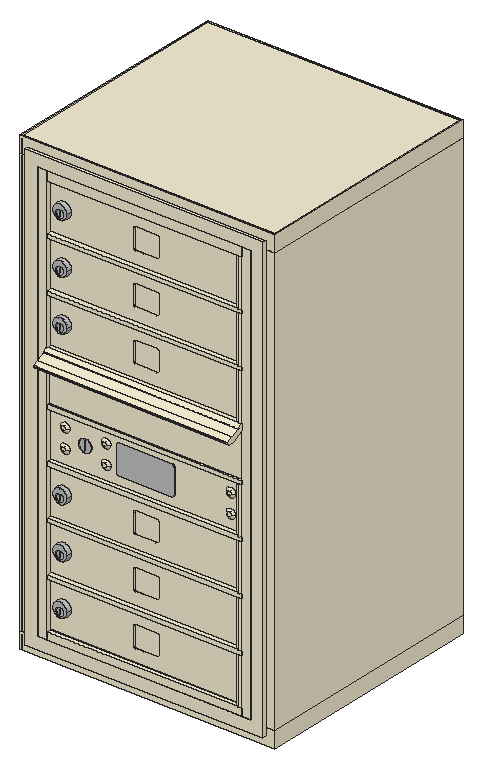
Revit family "Mailboxes_4C-Salsbury_Industries-Surface_Mounted-8_Door_High_Units", category Specialty Equipment, Revit 2016 (continued)
Definition of nested family "Mailboxes_4C-Salsbury_Industries-Front_Load-8_Door_High_Units"
  Definition of nested family "3700 Series 4C Door Configurations"
    Dimensions and locks (in)
      "Center Lock-Vertical": plane 4 "Left Side Face of Door" to plane 11 "Center Lock Vertical"
      "Inset Offset": plane 16 "Inset Offset" to plane 7 "Front Face of Door"
      plane 4 "Left Side Face of Door" to plane 5 "Right Side Face of Door" = 13.375"
      plane 6 "Back Face of Door" to plane 10 "Face of Divider" = 0.59691"
      "Door Height": plane 8 to plane 2 "Bottom of Door"
      equal spacing: plane 8, plane 9, plane 2 "Bottom of Door"
      locked: plane 14 "Divider Height Align" to plane 8 at 0.27
      plane 17 to plane 9 to plane 18 = 0.37515" locked, 0.37452" locked
      aligned and locked: level to plane 2 "Bottom of Door"
      aligned and locked: plane 4 "Left Side Face of Door" to Extrusion 1
      aligned and locked: plane 6 "Back Face of Door" to Extrusion 1
      aligned and locked: plane 7 "Front Face of Door" to Extrusion 1
      aligned and locked: plane 8 to Extrusion 1
      aligned and locked: Extrusion 3 sketch curve to plane 4 "Left Side Face of Door"
      aligned and locked: Extrusion 3 sketch curve to plane 6 "Back Face of Door"
      aligned and locked: plane 5 "Right Side Face of Door" to Extrusion 3 sketch curve
      aligned and locked: Extrusion 3 to plane 8
      aligned and locked: plane 10 "Face of Divider" to Extrusion 3 sketch curve
      aligned and locked: plane 14 "Divider Height Align" to Extrusion 3
      aligned and locked: cut or joined group of Extrusion 1, Extrusion 6 to plane 2 "Bottom of Door"
      aligned and locked: plane 18 to text3d elem
    Automatic sketch dimensions
      Extrusion 1 sketch curve to plane 4 "Left Side Face of Door" = 0.000"
      Extrusion 1 sketch curve to plane 6 "Back Face of Door" = 0.000"
      Extrusion 1 sketch curve to plane 7 "Front Face of Door" = 0.000"
      Extrusion 1 sketch curve to plane 5 "Right Side Face of Door" = 0.000"
      Extrusion 1 sketch curve to plane 4 "Left Side Face of Door" = 0.252"
      plane 5 "Right Side Face of Door" to Extrusion 1 sketch curve = 0.63125"
      Extrusion 1 sketch curve to plane 7 "Front Face of Door" = 0.10935"
      plane 5 "Right Side Face of Door" to Extrusion 1 sketch curve = 0.195"
      Extrusion 1 sketch curve to plane 7 "Front Face of Door" = 0.14468"
      plane 10 "Face of Divider" to Extrusion 1 sketch curve = 0.12271"
      plane 1 "Center (Front/Back)" to Extrusion 1 sketch curve = 0.05445"
      plane 10 "Face of Divider" to Extrusion 1 sketch curve = 0.16676"
      Blend 2 sketch curve to plane 9 = 0.000"  (x2)
      plane 11 "Center Lock Vertical" to Blend 2 sketch curve = 0.000"  (x2)
      plane 11 "Center Lock Vertical" to Extrusion 4 sketch curve = 0.000"
      Extrusion 4 sketch curve to plane 9 = 0.120"
      Extrusion 4 sketch curve to Extrusion 4 sketch curve = 0.285"
      plane 11 "Center Lock Vertical" to Extrusion 5 sketch curve = 0.02933"
      Extrusion 5 sketch curve to plane 11 "Center Lock Vertical" = 0.03067"
      Extrusion 5 sketch curve to plane 9 = 0.2917"
      plane 9 to Extrusion 5 sketch curve = 0.0083"
      Extrusion 6 sketch curve to plane 9 = 0.750"
      Extrusion 6 sketch curve to Extrusion 6 sketch curve = 0.125"  (x3)
      plane 9 to Extrusion 6 sketch curve = 0.625"  (x2)
      plane 3 "Center (Left/Right)" to Extrusion 6 sketch curve = 0.7775"
      plane 15 "Inset Center" to Extrusion 6 sketch curve = 0.750"
      curve 1 to plane 9 = 0.000"
      plane 11 "Center Lock Vertical" to curve 1 = 0.000"
      radius of Blend 2 sketch curve = 0.525"
      radius of Blend 2 sketch curve = 0.485"
      radius of curve 1 = 0.53054"
  Definition of nested family "3700 Series 4C OM2 Configuration"
    Parameters (values of type "OM2-FL")
      Weight = ""
      URL = ""
      Access Lock Offset = 0.000"
      Access Lock = yes
      Model = "3700OM2-FL"
      Manufacturer = "Salsbury Industries"
      Lock Material = none
      Front Panel Material = none
      Door Width = 13.375"
      Door Number [instance] = "101"
      Door Height = 7.00047"
      Door Depth = 0.25391"
      Description = "OM2 Door for 3700 Series 4C Mailboxes-Front Loading"
      Cost = 0
      Center Lock-Vertical = 2.360"
      Center Lock-Horizontal = 1.61523"
    Types (3): name | Access Lock Offset | Access Lock | Model | Description
      (no name) | 0.000" | yes | "3700OM2-FL" | "OM2 Door for 3700 Series 4C Mailboxes-Front Loading"
      OM2-FL | 0.000" | yes | "3700OM2-FL" | "OM2 Door for 3700 Series 4C Mailboxes-Front Loading"
      OM2-RL | 0.3125" | no | "3700OM2-RL" | "OM2 Door for 3700 Series 4C Mailboxes-Rear Loading"
    Reference planes (in)
      plane 1 "Center (Front/Back)": y = 0
      plane 2 "Bottom of Door": z = 0
      plane 3 "Center (Left/Right)": x = 0
      plane 4 "Left Side Face of Door": x = -6.6875
      plane 5 "Right Side Face of Door": x = 6.6875
      plane 6 "Back Face of Door": y = 0.12695
      plane 7 "Front Face of Door": y = -0.12695
      plane 8: z = 3.23047
      plane 9: z = 1.61523
      plane 10: y = -0.46995
      plane 11 "Center Lock Vertical": x = -4.3275
      plane 12 "Center Lock Horizontal": z = 1.61523
      plane 13 "Face of Lock": y = -0.42383
      plane 14 "Divider Height Align": z = 3.50047
      plane 15 "Plate Center": x = -0.16063
      plane 16 "Left Stud Align": x = -5.7025
      plane 17 "Right Stud Align": x = -2.8895
      plane 18 "Top Stud Align": z = 2.27147
      plane 19 "Bottom Stud Align": z = 0.95947
      plane 20 "Hinge Stud Align": x = 5.6875
      plane 21 "Mail Plate Top": z = 2.61547
      plane 22 "Mail Plate Bottom": z = 0.61547
      plane 23: x = -2.1595
      plane 24: x = 1.8405
      plane 25 "Face of Mail Plate": y = -0.16602
      plane 26 "Top of Mail Drop Door": z = 6.73094
      plane 27 "Top of Mail Drop Divider": z = 7.00047
      plane 28 "Face of Mail Drop": y = -0.31995
      plane 29 "Top of Mail Slot": z = 6.42087
      plane 30 "Bottom of Mail Slot": z = 5.67087
      plane 31 "Left Edge of Mail Slot": x = -5.3755
      plane 32 "Right Edge of Mail Slot": x = 5.3755
      plane 33 "Mail Slot Bottom Protusion": z = 6.50987
      plane 34: y = -0.49395
      plane 35: z = 6.15637
      plane 36 "Front of Awning": y = -1.63495
      plane 37: y = -1.15685
      plane 38 "Mail Slot Slope": through (-240, -0.44582, 6.9722) normal (0, -0.5, 0.866)
      plane 39 "Access Lock Offset": y = 0.12695
    Forms (in)
      Extrusion 1, solid, material <- "Front Panel Material"
        sketch origin (0, 0, 0) x (1, 0, 0) y (0, 1, 0)
          loop
            line (-6.4355, 0.12695) -> (-6.6875, -0.05445) -> (-6.6875, -0.12695) -> (6.05625, -0.12695)
            arc (6.05625, -0.12695) -> (6.19558, -0.17661) -> (6.27209, -0.3032) r 0.22029
            arc (6.27209, -0.3032) -> (6.3553, -0.42132) -> (6.4925, -0.46664) r 0.23034
            arc (6.4925, -0.46664) -> (6.63039, -0.40952) -> (6.6875, -0.27164) r 0.195
            line (6.6875, -0.27164) -> (6.6875, 0.12695) -> (-6.4355, 0.12695)
        from 0 to 3.23047
      Extrusion 2, solid, material <- "Front Panel Material"
        sketch origin (0, 0, 3.50047) x (-1, 0, 0) y (0, -1, 0)
          loop
            line (6.6875, -0.12695) -> (6.6875, 0.46995) -> (-6.6875, 0.46995) -> (-6.6875, -0.12695) -> (6.6875, -0.12695)
        from -0.27 to 0
      Extrusion 3, void
        sketch origin (0, 0.12695, 0) x (0, 0, -1) y (-1, 0, 0)
          loop
            circle (-1.61523, 4.3275) r 0.4375
        from 0 to -0.25391
      Extrusion 4, solid, material <- "Lock Material", visible <- "Access Lock"
        sketch origin (0, 0.12695, 0) x (0, 0, -1) y (-1, 0, 0)
          loop
            circle (-1.61523, 4.3275) r 0.42913
        from 0 to -0.25391
      Extrusion 5, void, detail levels fine
        sketch origin (0, 0.12695, 3.4) x (-1, 0, 0) y (0, 0, 1)
          loop
            line (4.3568, -1.47517) -> (4.2982, -1.47517) -> (4.2982, -2.09436) -> (4.3568, -2.09436) -> (4.3568, -1.47517)
        from -0.12695 to -0.25391
      Blend 6, solid, material <- "Front Panel Material", detail levels medium+fine
        base sketch origin (0, -0.12695, 2.68123) x (-1, 0, 0) y (0, 0, 1)
          loop
            circle (5.7025, -0.40977) r 0.15665
        top sketch origin (0, -0.12695, 2.68123) x (-1, 0, 0) y (0, 0, 1)
          loop
            circle (5.7025, -0.40977) r 0.3125
        from -0.11328 to 0
      Blend 7, solid, material <- "Front Panel Material", detail levels medium+fine
        base sketch origin (1.3125, -0.12695, 2.68123) x (-1, 0, 0) y (0, 0, 1)
          loop
            circle (4.202, -0.40977) r 0.15665
        top sketch origin (1.3125, -0.12695, 2.68123) x (-1, 0, 0) y (0, 0, 1)
          loop
            circle (4.202, -0.40977) r 0.3125
        from -0.11328 to 0
      Blend 8, solid, material <- "Front Panel Material", detail levels medium+fine
        base sketch origin (0, -0.12695, 1.36923) x (-1, 0, 0) y (0, 0, 1)
          loop
            circle (5.7025, -0.40977) r 0.15665
        top sketch origin (0, -0.12695, 1.36923) x (-1, 0, 0) y (0, 0, 1)
          loop
            circle (5.7025, -0.40977) r 0.3125
        from -0.11328 to 0
      Blend 9, solid, material <- "Front Panel Material", detail levels medium+fine
        base sketch origin (1.3125, -0.12695, 1.36923) x (-1, 0, 0) y (0, 0, 1)
          loop
            circle (4.202, -0.40977) r 0.15665
        top sketch origin (1.3125, -0.12695, 1.36923) x (-1, 0, 0) y (0, 0, 1)
          loop
            circle (4.202, -0.40977) r 0.3125
        from -0.11328 to 0
      Blend 10, solid, material <- "Front Panel Material", detail levels medium+fine
        base sketch origin (9.8895, -0.12695, 2.68123) x (-1, 0, 0) y (0, 0, 1)
          loop
            circle (4.202, -0.40977) r 0.15665
        top sketch origin (9.8895, -0.12695, 2.68123) x (-1, 0, 0) y (0, 0, 1)
          loop
            circle (4.202, -0.40977) r 0.3125
        from -0.11328 to 0
      Blend 11, solid, material <- "Front Panel Material", detail levels medium+fine
        base sketch origin (9.8895, -0.12695, 1.36923) x (-1, 0, 0) y (0, 0, 1)
          loop
            circle (4.202, -0.40977) r 0.15665
        top sketch origin (9.8895, -0.12695, 1.36923) x (-1, 0, 0) y (0, 0, 1)
          loop
            circle (4.202, -0.40977) r 0.3125
        from -0.11328 to 0
      Extrusion 12, solid, material <- "Lock Material"
        sketch origin (0, -0.12695, 0) x (-1, 0, 0) y (0, 0, 1)
          loop
            line (1.96028, 2.61547) -> (-1.64128, 2.61547)
            arc (-1.64128, 2.61547) -> (-1.78215, 2.55712) -> (-1.8405, 2.41625) r 0.19922
            line (-1.8405, 2.41625) -> (-1.8405, 0.81469)
            arc (-1.8405, 0.81469) -> (-1.78215, 0.67382) -> (-1.64128, 0.61547) r 0.19922
            line (-1.64128, 0.61547) -> (1.96028, 0.61547)
            arc (1.96028, 0.61547) -> (2.10115, 0.67382) -> (2.1595, 0.81469) r 0.19922
            line (2.1595, 0.81469) -> (2.1595, 2.41625)
            arc (2.1595, 2.41625) -> (2.10115, 2.55712) -> (1.96028, 2.61547) r 0.19922
        from 0 to -0.03906
      Extrusion 13, solid, material <- "Front Panel Material"
        sketch origin (-2.13946, 0, 3.50047) x (-1, 0, 0) y (0, -1, 0)
          loop
            line (4.54804, -0.12695) -> (4.54804, 0.31995) -> (-8.82696, 0.31995) -> (-8.82696, -0.12695) -> (4.54804, -0.12695)
        from 0 to 3.0094
      Extrusion 14, void
        sketch origin (0, -0.31995, 0) x (0, 0, -1) y (-1, 0, 0)
          loop
            arc (-5.67087, 5.0005) -> (-6.04587, 5.3755) -> (-6.42087, 5.0005) r 0.375
            line (-6.42087, 5.0005) -> (-6.42087, -5.0005)
            arc (-6.42087, -5.0005) -> (-6.04587, -5.3755) -> (-5.67087, -5.0005) r 0.375
            line (-5.67087, -5.0005) -> (-5.67087, 5.0005)
        from 0 to 0.44691
      Extrusion 15, solid, material <- "Front Panel Material"
        sketch origin (0, 0, 0) x (0, 1, 0) y (0, 0, 1)
          loop
            line (0.12695, 6.50987) -> (0.12695, 7.00047) -> (-0.46995, 7.00047) -> (-0.75605, 6.83078) -> (-0.73973, 6.80251) -> (-1.27431, 6.49388) -> (-1.29063, 6.52214) -> (-1.61027, 6.3376)
            arc (-1.61027, 6.3376) -> (-1.63087, 6.31111) -> (-1.62714, 6.27777) r 0.04454
            line (-1.62714, 6.27777) -> (-1.5282, 6.17883)
            arc (-1.5282, 6.17883) -> (-1.4937, 6.16211) -> (-1.4558, 6.15637) r 0.12791
            line (-1.4558, 6.15637) -> (-1.10623, 6.15637) -> (-0.49395, 6.50987) -> (0.12695, 6.50987)
        from -6.6875 to 6.6875
    Cuts and joins
      Extrusion 3 cuts Extrusion 1
      Extrusion 5 cuts Extrusion 4
      Extrusion 14 cuts Extrusion 13
    Lines and regions (in)
      symbolic lines
        curve 1: circle (-5.7025, -0.12695, 2.27147) r 0.3125 normal (0, 1, 0)
        curve 2: circle (-5.7025, -0.12695, 0.95947) r 0.3125 normal (0, 1, 0)
        curve 3: circle (-2.8895, -0.12695, 0.95947) r 0.3125 normal (0, 1, 0)
        curve 4: circle (-2.8895, -0.12695, 2.27147) r 0.3125 normal (0, 1, 0)
        curve 5: circle (-4.3275, -0.12695, 1.61523) r 0.42913 normal (0, 1, 0)
        curve 6: circle (5.6875, -0.12695, 0.95947) r 0.3125 normal (0, 1, 0)
        curve 7: circle (5.6875, -0.12695, 2.27147) r 0.3125 normal (0, 1, 0)
        curve 8: arc (-2.1595, -0.12695, 2.41625) -> (-2.10115, -0.12695, 2.55712) -> (-1.96028, -0.12695, 2.61547) r 0.19922
        curve 9: arc (1.8405, -0.12695, 2.41625) -> (1.78215, -0.12695, 2.55712) -> (1.64128, -0.12695, 2.61547) r 0.19922
        curve 10: arc (1.8405, -0.12695, 0.81469) -> (1.78215, -0.12695, 0.67382) -> (1.64128, -0.12695, 0.61547) r 0.19922
        curve 11: arc (-1.96028, -0.12695, 0.61547) -> (-2.10115, -0.12695, 0.67382) -> (-2.1595, -0.12695, 0.81469) r 0.19922
        curve 12: line (-2.1595, -0.12695, 0.81469) -> (-2.1595, -0.12695, 2.41625)
        curve 13: line (-1.96028, -0.12695, 2.61547) -> (1.64128, -0.12695, 2.61547)
        curve 14: line (1.8405, -0.12695, 2.41625) -> (1.8405, -0.12695, 0.81469)
        curve 15: line (1.64128, -0.12695, 0.61547) -> (-1.96028, -0.12695, 0.61547)
    Dimensions and locks (in)
      equal spacing: plane 6 "Back Face of Door", plane 1 "Center (Front/Back)", plane 7 "Front Face of Door"
      "Door Depth": plane 6 "Back Face of Door" to plane 7 "Front Face of Door"
      equal spacing: plane 4 "Left Side Face of Door", plane 3 "Center (Left/Right)", plane 5 "Right Side Face of Door"
      "Door Width": plane 4 "Left Side Face of Door" to plane 5 "Right Side Face of Door"
      plane 8 to level = 3.23047"
      equal spacing: plane 8, plane 9, level
      locked: plane 7 "Front Face of Door" to plane 10 at 0.343
      "Center Lock-Vertical": plane 4 "Left Side Face of Door" to plane 11 "Center Lock Vertical"
      "Center Lock-Horizontal": plane 8 to plane 12 "Center Lock Horizontal"
      locked: plane 14 "Divider Height Align" to plane 8 at 0.27
      plane 4 "Left Side Face of Door" to plane 16 "Left Stud Align" to plane 17 "Right Stud Align" = 0.985", 2.813"
      plane 8 to plane 18 "Top Stud Align" to plane 19 "Bottom Stud Align" = 0.959", 1.312"
      plane 20 "Hinge Stud Align" to plane 5 "Right Side Face of Door" = 1.000"
      plane 8 to plane 21 "Mail Plate Top" to plane 22 "Mail Plate Bottom" = 0.615", 2.000"
      plane 4 "Left Side Face of Door" to plane 23 to plane 24 = 4.528", 4.000"
      plane 27 "Top of Mail Drop Divider" to plane 26 "Top of Mail Drop Door" to plane 14 "Divider Height Align" = 0.26953" locked, 3.23047"
      "Door Height": plane 27 "Top of Mail Drop Divider" to level
      plane 28 "Face of Mail Drop" to plane 10 = 0.150"
      locked: plane 27 "Top of Mail Drop Divider" to plane 29 "Top of Mail Slot" at 0.5796
      locked: plane 29 "Top of Mail Slot" to plane 30 "Bottom of Mail Slot" at 0.75
      locked: plane 4 "Left Side Face of Door" to plane 31 "Left Edge of Mail Slot" at 1.312
      locked: plane 32 "Right Edge of Mail Slot" to plane 5 "Right Side Face of Door" at 1.312
      locked: plane 33 "Mail Slot Bottom Protusion" to plane 29 "Top of Mail Slot" at 0.089
      plane 28 "Face of Mail Drop" to plane 34 = 0.174"
      plane 33 "Mail Slot Bottom Protusion" to plane 35 = 0.3535"
      plane 28 "Face of Mail Drop" to plane 36 "Front of Awning" = 1.315"
      plane 4 "Left Side Face of Door" to plane 5 "Right Side Face of Door" = 13.375"
      plane 6 "Back Face of Door" to plane 36 "Front of Awning" = 1.76191"
      "Access Lock Offset": plane 39 "Access Lock Offset" to plane 6 "Back Face of Door"
      aligned and locked: level to plane 2 "Bottom of Door"
      aligned and locked: plane 4 "Left Side Face of Door" to Extrusion 1
      aligned and locked: plane 6 "Back Face of Door" to Extrusion 1
      aligned and locked: plane 7 "Front Face of Door" to Extrusion 1
      aligned and locked: Extrusion 1 to level
      aligned and locked: plane 8 to Extrusion 1
      aligned and locked: Extrusion 2 sketch curve to plane 4 "Left Side Face of Door"
      aligned and locked: Extrusion 2 sketch curve to plane 6 "Back Face of Door"
      aligned and locked: plane 5 "Right Side Face of Door" to Extrusion 2 sketch curve
      aligned and locked: Extrusion 2 to plane 8
      aligned and locked: plane 10 to Extrusion 2 sketch curve
      aligned and locked: plane 14 "Divider Height Align" to Extrusion 2
      aligned and locked: plane 4 "Left Side Face of Door" to Extrusion 2
      aligned and locked: Extrusion 2 to plane 5 "Right Side Face of Door"
      aligned and locked: Extrusion 13 to plane 28 "Face of Mail Drop"
      aligned and locked: plane 29 "Top of Mail Slot" to Extrusion 14 sketch curve
      aligned and locked: cut or joined group of Extrusion 13, Extrusion 14 to cut or joined group of Extrusion 13, Extrusion 14
      aligned and locked: cut or joined group of Extrusion 1, Extrusion 3 to plane 2 "Bottom of Door"
    Automatic sketch dimensions
      Extrusion 1 sketch curve to plane 4 "Left Side Face of Door" = 0.000"
      Extrusion 1 sketch curve to plane 6 "Back Face of Door" = 0.000"
      Extrusion 1 sketch curve to plane 7 "Front Face of Door" = 0.000"
      Extrusion 1 sketch curve to plane 5 "Right Side Face of Door" = 0.000"
      Extrusion 1 sketch curve to plane 4 "Left Side Face of Door" = 0.252"
      Extrusion 1 sketch curve to plane 20 "Hinge Stud Align" = 0.36875"
      Extrusion 1 sketch curve to plane 25 "Face of Mail Plate" = 0.07029"
      plane 5 "Right Side Face of Door" to Extrusion 1 sketch curve = 0.195"
      Extrusion 1 sketch curve to plane 25 "Face of Mail Plate" = 0.10562"
      Extrusion 1 sketch curve to plane 13 "Face of Lock" = 0.07658"
      plane 1 "Center (Front/Back)" to Extrusion 1 sketch curve = 0.05445"
      Extrusion 1 sketch curve to plane 13 "Face of Lock" = 0.12063"
      Extrusion 5 sketch curve to plane 11 "Center Lock Vertical" = 0.0293"
      plane 11 "Center Lock Vertical" to Extrusion 5 sketch curve = 0.0293"
      Extrusion 5 sketch curve to plane 9 = 0.30959"
      plane 9 to Extrusion 5 sketch curve = 0.30959"
      plane 16 "Left Stud Align" to Blend 6 sketch curve = 0.000"  (x2)
      Blend 6 sketch curve to plane 18 "Top Stud Align" = 0.000"  (x2)
      plane 17 "Right Stud Align" to Blend 7 sketch curve = 0.000"  (x2)
      Blend 7 sketch curve to plane 18 "Top Stud Align" = 0.000"  (x2)
      plane 16 "Left Stud Align" to Blend 8 sketch curve = 0.000"  (x2)
      Blend 8 sketch curve to plane 19 "Bottom Stud Align" = 0.000"  (x2)
      plane 17 "Right Stud Align" to Blend 9 sketch curve = 0.000"  (x2)
      Blend 9 sketch curve to plane 19 "Bottom Stud Align" = 0.000"  (x2)
      Blend 10 sketch curve to plane 18 "Top Stud Align" = 0.000"  (x2)
      plane 20 "Hinge Stud Align" to Blend 10 sketch curve = 0.000"  (x2)
      Blend 11 sketch curve to plane 19 "Bottom Stud Align" = 0.000"  (x2)
      plane 20 "Hinge Stud Align" to Blend 11 sketch curve = 0.000"  (x2)
      plane 24 to Extrusion 12 sketch curve = 0.000"
      Extrusion 12 sketch curve to plane 22 "Mail Plate Bottom" = 0.000"
      Extrusion 12 sketch curve to plane 21 "Mail Plate Top" = 0.000"
      plane 23 to Extrusion 12 sketch curve = 0.000"
      plane 24 to Extrusion 12 sketch curve = 0.19922"  (x2)
      plane 18 "Top Stud Align" to Extrusion 12 sketch curve = 0.14478"
      Extrusion 12 sketch curve to plane 23 = 0.19922"
      Extrusion 13 sketch curve to plane 5 "Right Side Face of Door" = 0.000"
      Extrusion 13 sketch curve to plane 4 "Left Side Face of Door" = 0.000"
      Extrusion 13 sketch curve to plane 6 "Back Face of Door" = 0.000"
      Extrusion 13 sketch curve to plane 7 "Front Face of Door" = 0.193"
      Extrusion 14 sketch curve to plane 30 "Bottom of Mail Slot" = 0.000"
      plane 32 "Right Edge of Mail Slot" to Extrusion 14 sketch curve = 0.375"
      Extrusion 14 sketch curve to plane 31 "Left Edge of Mail Slot" = 0.375"
      Extrusion 15 sketch curve to plane 35 = 0.000"
      Extrusion 15 sketch curve to plane 33 "Mail Slot Bottom Protusion" = 0.000"
      Extrusion 15 sketch curve to plane 34 = 0.000"
      Extrusion 15 sketch curve to plane 27 "Top of Mail Drop Divider" = 0.000"
      Extrusion 15 sketch curve to plane 6 "Back Face of Door" = 0.000"
      plane 26 "Top of Mail Drop Door" to Extrusion 15 sketch curve = 0.07158"
      Extrusion 15 sketch curve to plane 34 = 0.24578"
      plane 26 "Top of Mail Drop Door" to Extrusion 15 sketch curve = 0.09984"
      Extrusion 15 sketch curve to Extrusion 15 sketch curve = 0.01632"
      plane 37 to Extrusion 15 sketch curve = 0.05062"
      Extrusion 15 sketch curve to plane 33 "Mail Slot Bottom Protusion" = 0.01599"
      plane 33 "Mail Slot Bottom Protusion" to Extrusion 15 sketch curve = 0.01227"
      plane 36 "Front of Awning" to Extrusion 15 sketch curve = 0.17915"
      plane 35 to Extrusion 15 sketch curve = 0.02246"
      Extrusion 15 sketch curve to Extrusion 15 sketch curve = 0.0724"
      plane 36 "Front of Awning" to Extrusion 15 sketch curve = 0.04696"
      plane 36 "Front of Awning" to Extrusion 15 sketch curve = 0.02469"
      plane 36 "Front of Awning" to Extrusion 15 sketch curve = 0.00781"
      Extrusion 15 sketch curve to Extrusion 15 sketch curve = 0.05983"
      Extrusion 4 sketch curve to plane 9 = 0.000"
      plane 11 "Center Lock Vertical" to Extrusion 4 sketch curve = 0.000"
      Extrusion 3 sketch curve to plane 9 = 0.000"
      plane 11 "Center Lock Vertical" to Extrusion 3 sketch curve = 0.000"
      curve 6 to plane 19 "Bottom Stud Align" = 0.000"
      plane 20 "Hinge Stud Align" to curve 6 = 0.000"
      curve 7 to plane 18 "Top Stud Align" = 0.000"
      plane 20 "Hinge Stud Align" to curve 7 = 0.000"
      plane 24 to curve 14 = 0.000"
      curve 9 to plane 21 "Mail Plate Top" = 0.000"
      curve 11 to plane 22 "Mail Plate Bottom" = 0.000"
      plane 23 to curve 12 = 0.000"
      plane 17 "Right Stud Align" to curve 4 = 0.000"
      plane 17 "Right Stud Align" to curve 3 = 0.000"
      curve 5 to plane 9 = 0.000"
      plane 11 "Center Lock Vertical" to curve 5 = 0.000"
      plane 16 "Left Stud Align" to curve 1 = 0.000"
      plane 16 "Left Stud Align" to curve 2 = 0.000"
      curve 2 to plane 19 "Bottom Stud Align" = 0.000"
      curve 3 to plane 19 "Bottom Stud Align" = 0.000"
      curve 1 to plane 18 "Top Stud Align" = 0.000"
      curve 4 to plane 18 "Top Stud Align" = 0.000"
      plane 18 "Top Stud Align" to curve 9 = 0.14478"
      curve 10 to plane 19 "Bottom Stud Align" = 0.14478"
      plane 18 "Top Stud Align" to curve 8 = 0.14478"
      curve 11 to plane 19 "Bottom Stud Align" = 0.14478"
      radius of Blend 6 sketch curve = 0.15665"
      radius of Blend 6 sketch curve = 0.3125"
      radius of Blend 7 sketch curve = 0.15665"
      radius of Blend 7 sketch curve = 0.3125"
      radius of Blend 8 sketch curve = 0.15665"
      radius of Blend 8 sketch curve = 0.3125"
      radius of Blend 9 sketch curve = 0.15665"
      radius of Blend 9 sketch curve = 0.3125"
      radius of Blend 10 sketch curve = 0.15665"
      radius of Blend 10 sketch curve = 0.3125"
      radius of Blend 11 sketch curve = 0.15665"
      radius of Blend 11 sketch curve = 0.3125"
      radius of Extrusion 4 sketch curve = 0.42913"
      radius of Extrusion 3 sketch curve = 0.4375"
      radius of curve 1 = 0.3125"
      radius of curve 2 = 0.3125"
      radius of curve 3 = 0.3125"
      radius of curve 4 = 0.3125"
      radius of curve 5 = 0.42913"
      radius of curve 6 = 0.3125"
      radius of curve 7 = 0.3125"
Types (11): name | Width | Model | Door Slot R8 Number | Door Slot R7 Number | Door Slot R6 Number | Door Slot R4 Number | Door Slot R3 Number | Door Slot R2 Number | Door Slot R1 Number | Door Slot L8 Number | Door Slot L7 Number | Door Slot L6 Number | Door Slot L5 Number | Door Slot L4 Number | Door Slot L3 Number | Door Slot L2 Number | Door Slot L1 Number | Description | Above Finished Floor (Top of Bottom Shelf) | Above Finished Floor (Bottom of Unit) | 4C Unit Elevation | 4C Unit
  3808S-06 | 17.496" | "3808S-06" | "6" | "5" | "4" | "0" | "3" | "2" | "1" | "0" | "0" | "0" | "0" | "0" | "0" | "0" | "0" | "8 Door High Unit:  6 MB1, OM2" | 28.000" | 26.120" | 26.683" | Mailboxes_4C-Salsbury_Industries-Front_Load-8_Door_High_Units : 3708S-06 FL
  3808D-14 | 32.250" | "3808D-14" | "14" | "13" | "12" | "0" | "11" | "10" | "9" | "8" | "7" | "6" | "5" | "4" | "3" | "2" | "1" | "8 Door High Unit:  14 MB1, OM2" | 28.000" | 26.120" | 26.683" | Mailboxes_4C-Salsbury_Industries-Front_Load-8_Door_High_Units : 3708D-14 FL
  3808D-13 | 32.250" | "3808D-13" | "13" | "12" | "0" | "0" | "11" | "10" | "9" | "8" | "7" | "6" | "5" | "4" | "3" | "2" | "1" | "8 Door High Unit:  13 MB1, OM3" | 28.000" | 26.120" | 26.683" | Mailboxes_4C-Salsbury_Industries-Front_Load-8_Door_High_Units : 3708D-13 FL
  3808D-09 | 32.250" | "3808D-09" | "9" | "8" | "7" | "0" | "6" | "5" | "4" | "1P" | "0" | "0" | "0" | "0" | "3" | "2" | "1" | "8 Door High Unit:  9 MB1, 1 PL5, OM2" | 28.000" | 26.120" | 26.683" | Mailboxes_4C-Salsbury_Industries-Front_Load-8_Door_High_Units : 3708D-09 FL
  3808D-07 | 32.250" | "3808D-07" | "7" | "0" | "6" | "0" | "0" | "5" | "0" | "4" | "0" | "3" | "0" | "2" | "0" | "1" | "0" | "8 Door High Unit:  7 MB2, OM2" | 28.000" | 26.120" | 26.683" | Mailboxes_4C-Salsbury_Industries-Front_Load-8_Door_High_Units : 3708D-07 FL
  3808D-04 | 32.250" | "3808D-04" | "4" | "0" | "3" | "0" | "0" | "2" | "0" | "1P" | "0" | "0" | "0" | "0" | "0" | "1" | "0" | "8 Door High Unit:  4 MB2, 1 PL6, OM2" | 28.000" | 26.120" | 26.683" | Mailboxes_4C-Salsbury_Industries-Front_Load-8_Door_High_Units : 3708D-04 FL
  3808S-03 | 17.496" | "3808S-03" | "3" | "0" | "2" | "0" | "0" | "1" | "0" | "0" | "0" | "0" | "0" | "0" | "0" | "0" | "0" | "8 Door High Unit:  3 MB2, OM2" | 28.000" | 26.120" | 26.683" | Mailboxes_4C-Salsbury_Industries-Front_Load-8_Door_High_Units : 3708S-03 FL
  3808S-01 | 17.496" | "3808S-01" | "1P" | "0" | "0" | "0" | "0" | "0" | "1" | "0" | "0" | "0" | "0" | "0" | "0" | "0" | "0" | "8 Door High Unit:  1 MB1, 1 PL5, OM2" | 15.000" | 13.120" | 13.683" | Mailboxes_4C-Salsbury_Industries-Front_Load-8_Door_High_Units : 3708S-01 FL
  3808S-2P | 17.496" | "3808S-2P" | "2P" | "0" | "0" | "1P" | "0" | "0" | "0" | "0" | "0" | "0" | "0" | "0" | "0" | "0" | "0" | "8 Door High Unit:  2 PL4" | 15.000" | 13.120" | 13.683" | Mailboxes_4C-Salsbury_Industries-Front_Load-8_Door_High_Units : 3708S-2P FL
  3808S-1B | 17.496" | "3808S-1B" | "0" | "0" | "0" | "0" | "0" | "0" | "0" | "0" | "0" | "0" | "0" | "0" | "0" | "0" | "0" | "8 Door High Unit:  1 Receptacle Bin" | 15.000" | 13.120" | 13.683" | Mailboxes_4C-Salsbury_Industries-Front_Load-8_Door_High_Units : 3708S-1B FL
  3808S-1C | 17.496" | "3808S-1C" | "0" | "0" | "0" | "0" | "0" | "0" | "0" | "0" | "0" | "0" | "0" | "0" | "0" | "0" | "0" | "8 Door High Unit:  1 Collection Box" | 15.000" | 13.120" | 13.683" | Mailboxes_4C-Salsbury_Industries-Front_Load-8_Door_High_Units : 3708S-1C FL
